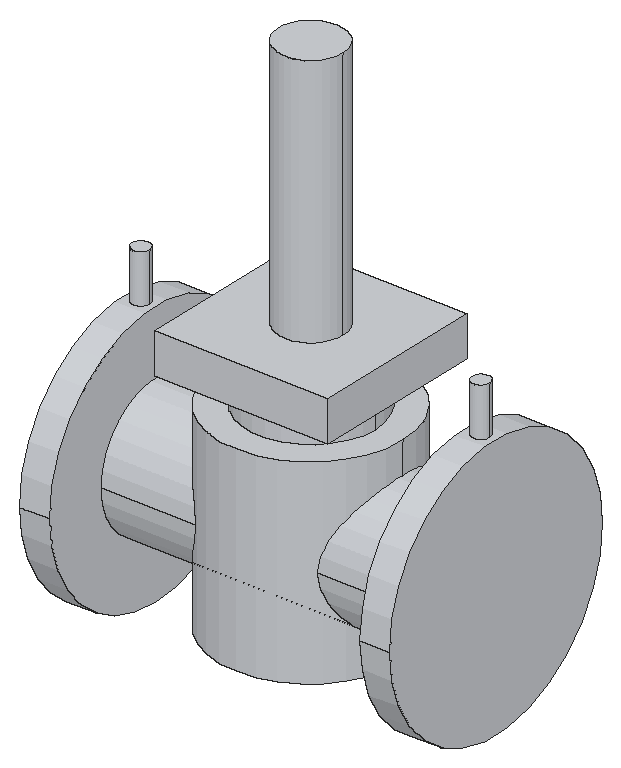
Revit family "OPTIMA_Compact_FLANGE_PN25_DN050-HF_RFA_2019", category Pipe Accessories, Revit 2019
Family settings
  Round Connector Dimension = Use Diameter
  Part Type = Valve - Breaks Into
  Work Plane-Based = No
  Always vertical = Yes
  Cut with Voids When Loaded = No
  Shared = No
Parameters (values of type "Optima Compact Flange PN25 DN050 HF")
  magiProductId = "Frese Optima Flange DN050 HF"
  magiProductFamilyId = "Frese Optima Flange *"
  magiPartTypeId = 304
  isMeasuringValve [instance] = no
  ang2D [instance] = 0.00°
  W2D = 50 mm
  VersionID = "2.0/2018.8.28.1/FRESE_OPTIMA_FLANGE_Q13_002"
  Use Minimum Symbol Size [instance] = yes
  URL = "www.hydronic.cz"
  Type Comments = "Přírubový; PN25; 0~120°C, s měřením"
  R4 = 40.25 mm
  R3 = 42.9 mm
  R1 = 57.5 mm
  QmdConnectorList = "301;D;302;D"
  Productdata [instance] = ""
  Manufacturer = "Hydronic Systems Prague s.r.o."
  MC Product Code = "53-1230 (DN50 HF; 20mm; pohon min 1000N; Qmin-dpmin 3900l/h-19.0kPa; Qmax-dpmin 24000l/h-50.0kPa; dpmax 800kPa)"
  MC Piping Given Pressure Drop [instance] = 0.0 Pa
  LF__ve = -LF  # -18.4 mm
  LF2 = 9.2 mm
  LF = 18.4 mm
  L4 = 108.1 mm
  L3 = 193.2 mm
  L2D_Min = 3048 mm
  L2D = 230 mm
  L2 = 115 mm
  H6 = 157.25 mm
  H4 = 24.75 mm
  H3 = 20.625 mm
  H2 = 61.875 mm
  H1 = 123.75 mm
  Description = "Tlakově nezávislý 2-cestný regulační vyvažovací ventil (PICV)"
  DF2 = 82.5 mm
  D = 50 mm
  CAT0 = yes
Types (14, lengths in mm): name | magiProductId | magiProductFamilyId | W2D | Type Comments | R4 | R3 | R1 | MC Product Code | LF__ve | LF2 | LF | L4 | L3 | L2D | L2 | H6 | H4 | H3 | H2 | H1 | DF2 | D
  Optima Compact Flange PN25 DN050 LF | "Frese Optima Flange DN050 LF" | "Frese Optima Flange *" | 50 | "Přírubový; PN25; 0~120°C, s měřením" | 40.3 | 42.9 | 57.5 | "53-1220 (DN50 LF; 20mm; pohon min 1000N; Qmin-dpmin 2500l/h-6.5kPa; Qmax-dpmin 15000l/h-20.0kPa; dpmax 800kPa)" | -18.4 | 9.2 | 18.4 | 108.1 | 193.2 | 230 | 115 | 157.3 | 24.8 | 20.6 | 61.9 | 123.8 | 82.5 | 50
  Optima Compact Flange PN25 DN050 HF | "Frese Optima Flange DN050 HF" | "Frese Optima Flange *" | 50 | "Přírubový; PN25; 0~120°C, s měřením" | 40.25 | 42.9 | 57.5 | "53-1230 (DN50 HF; 20mm; pohon min 1000N; Qmin-dpmin 3900l/h-19.0kPa; Qmax-dpmin 24000l/h-50.0kPa; dpmax 800kPa)" | -18.4 | 9.2 | 18.4 | 108.1 | 193.2 | 230 | 115 | 157.25 | 24.75 | 20.625 | 61.875 | 123.75 | 82.5 | 50
  Optima Compact Flange PN25 DN065 LF | "Frese Optima Flange DN065 LF" | "Frese Optima Flange *" | 50 | "Přírubový; PN25; 0~120°C, s měřením" | 50.75 | 48.1 | 72.5 | "53-1221 (DN65 LF; 20mm; pohon min 1000N; Qmin-dpmin 4400l/h-15.0kPa; Qmax-dpmin 25000l/h-25.0kPa; dpmax 800kPa)" | -23.2 | 11.6 | 23.2 | 136.3 | 243.6 | 230 | 145 | 171.25 | 27.75 | 23.125 | 69.375 | 138.75 | 92.5 | 65
  Optima Compact Flange PN25 DN065 HF | "Frese Optima Flange DN065 HF" | "Frese Optima Flange *" | 50 | "Přírubový; PN25; 0~120°C, s měřením" | 50.75 | 48.1 | 72.5 | "53-1231 (DN65 HF; 20mm; pohon min 1000N; Qmin-dpmin 6000l/h-30.0kPa; Qmax-dpmin 35000l/h-55.0kPa; dpmax 800kPa)" | -23.2 | 11.6 | 23.2 | 136.3 | 243.6 | 230 | 145 | 171.25 | 27.75 | 23.125 | 69.375 | 138.75 | 92.5 | 65
  Optima Compact Flange PN25 DN080 LF | "Frese Optima Flange DN080 LF" | "Frese Optima Flange *" | 50 | "Přírubový; PN25; 0~120°C, s měřením" | 54.25 | 52 | 77.5 | "53-1222 (DN80 LF; 20mm; pohon min 1000N; Qmin-dpmin 5300l/h-16.0kPa; Qmax-dpmin 34000l/h-25.0kPa; dpmax 800kPa)" | -24.8 | 12.4 | 24.8 | 145.7 | 260.4 | 230 | 155 | 183 | 30 | 25 | 75 | 150 | 100 | 80
  Optima Compact Flange PN25 DN080 HF | "Frese Optima Flange DN080 HF" | "Frese Optima Flange *" | 50 | "Přírubový; PN25; 0~120°C, s měřením" | 54.25 | 52 | 77.5 | "53-1232 (DN80 HF; 20mm; pohon min 1000N; Qmin-dpmin 7000l/h-23.0kPa; Qmax-dpmin 43000l/h-50.0kPa; dpmax 800kPa)" | -24.8 | 12.4 | 24.8 | 145.7 | 260.4 | 230 | 155 | 183 | 30 | 25 | 75 | 150 | 100 | 80
  Optima Compact Flange PN25 DN100 LF | "Frese Optima Flange DN100 LF" | "Frese Optima Flange *" | 50 | "Přírubový; PN25; 0~120°C, s měřením" | 61.25 | 61.1 | 87.5 | "53-1223 (DN100 LF; 40mm; pohon min 1000N; Qmin-dpmin 12100l/h-20.0kPa; Qmax-dpmin 68000l/h-35.0kPa; dpmax 800kPa)" | -28 | 14 | 28 | 164.5 | 294 | 230 | 175 | 268.75 | 35.25 | 29.375 | 88.125 | 176.25 | 117.5 | 100
  Optima Compact Flange PN25 DN100 HF | "Frese Optima Flange DN100 HF" | "Frese Optima Flange *" | 50 | "Přírubový; PN25; 0~120°C, s měřením" | 61.25 | 61.1 | 87.5 | "53-1233 (DN100 HF; 40mm; pohon min 1000N; Qmin-dpmin 14800l/h-30.0kPa; Qmax-dpmin 90000l/h-75.0kPa; dpmax 800kPa)" | -28 | 14 | 28 | 164.5 | 294 | 230 | 175 | 268.75 | 35.25 | 29.375 | 88.125 | 176.25 | 117.5 | 100
  Optima Compact Flange PN25 DN125 LF | "Frese Optima Flange DN125 LF" | "Frese Optima Flange *" | 50 | "Přírubový; PN25; 0~120°C, s měřením" | 70 | 70.2 | 100 | "53-1224 (DN125 LF; 40mm; pohon min 1000N; Qmin-dpmin 18500l/h-16.0kPa; Qmax-dpmin 110000l/h-35.0kPa; dpmax 800kPa)" | -32 | 16 | 32 | 188 | 336 | 230 | 200 | 275.5 | 40.5 | 33.75 | 101.25 | 202.5 | 135 | 125
  Optima Compact Flange PN25 DN125 HF | "Frese Optima Flange DN125 HF" | "Frese Optima Flange *" | 50 | "Přírubový; PN25; 0~120°C, s měřením" | 70 | 70.2 | 100 | "53-1234 (DN125 HF; 40mm; pohon min 1000N; Qmin-dpmin 23000l/h-27.0kPa; Qmax-dpmin 135000l/h-53.0kPa; dpmax 800kPa)" | -32 | 16 | 32 | 188 | 336 | 230 | 200 | 275.5 | 40.5 | 33.75 | 101.25 | 202.5 | 135 | 125
  Optima Compact Flange PN25 DN150 LF | "Frese Optima Flange DN150 LF" | "Frese Optima Flange *" | 50 | "Přírubový; PN25; 0~110°C, s měřením" | 84 | 74.1 | 120 | "53-1225 (DN150 LF; 43mm; pohon min 1500N; Qmin-dpmin 25600l/h-21.0kPa; Qmax-dpmin 148000l/h-35.0kPa; dpmax 800kPa)" | -38.4 | 19.2 | 38.4 | 225.6 | 403.2 | 230 | 240 | 279.25 | 42.75 | 35.625 | 106.875 | 213.75 | 142.5 | 150
  Optima Compact Flange PN25 DN150 HF | "Frese Optima Flange DN150 HF" | "Frese Optima Flange *" | 50 | "Přírubový; PN25; 0~110°C, s měřením" | 84 | 74.1 | 120 | "53-1235 (DN150 HF; 43mm; pohon min 1500N; Qmin-dpmin 32000l/h-33.0kPa; Qmax-dpmin 195000l/h-65.0kPa; dpmax 800kPa)" | -38.4 | 19.2 | 38.4 | 225.6 | 403.2 | 230 | 240 | 279.25 | 42.75 | 35.625 | 106.875 | 213.75 | 142.5 | 150
  Optima Compact Flange PN25 DN200 LF | "" | "" | 100 | "Přírubový; PN25; 0~110°C, s měřením" | 164.5 | 98.8 | 235 | "53-1226 (DN200 LF; 43mm; pohon min 1500N; Qmin-dpmin 95000l/h-11.0kPa; Qmax-dpmin 210000l/h-32.0kPa; dpmax 800kPa)" | -48 | 24 | 48 | 282 | 504 | 350 | 300 | 281 | 57 | 15 | 209 | 380 | 190 | 200
  Optima Compact Flange PN25 DN200 HF | "" | "" | 100 | "Přírubový; PN25; 0~110°C, s měřením" | 164.5 | 98.8 | 235 | "53-1236 (DN200 HF; 43mm; pohon min 1500N; Qmin-dpmin 130000l/h-31.0kPa; Qmax-dpmin 280000l/h-78.0kPa; dpmax 800kPa)" | -48 | 24 | 48 | 282 | 504 | 350 | 300 | 281 | 57 | 15 | 209 | 380 | 190 | 200
Reference planes
  plane 1 "Center (Front/Back)": y = 0
  plane 2 "XYPLANE": z = 0
  plane 3 "Center (Left/Right)": x = 0
  plane 4 "157": x = 105.8
  plane 5 "156": x = -105.8
  plane 6 "155": z = 82.5
  plane 7 "154": z = 107.25
  plane 8 "153": z = 82.5
  plane 9 "152": z = 61.875
  plane 10 "151": x = -96.6
  plane 11 "150": z = -61.875
  plane 12 "149": x = 0
  plane 13 "148": y = 0
  plane 14 "147": z = 0
  plane 15 "146": x = -115
  plane 16 "145": x = 115
Forms (mm)
  Extrusion 1, solid, visible <- "CAT0"
    sketch origin (-750, 0, 82.5) x (1, 0, 0) y (0, 1, 0)
      loop
        circle (855.8, 0) r 5.5
    from 0 to 30
  Extrusion 2, solid, visible <- "CAT0"
    sketch origin (-750, 0, 82.5) x (1, 0, 0) y (0, 1, 0)
      loop
        circle (644.2, 0) r 5.5
    from 0 to 30
  Extrusion 3, solid, visible <- "CAT0"
    sketch origin (-750, 0, 107.25) x (1, 0, 0) y (0, 1, 0)
      loop
        circle (750, 0) r 20
    from 0 to 157.25 <- "H6"
  Extrusion 4, solid, visible <- "CAT0"
    sketch origin (-750, 0, 82.5) x (1, 0, 0) y (0, 1, 0)
      loop
        line (804.05, 54.05) -> (695.95, 54.05) -> (695.95, -54.05) -> (804.05, -54.05) -> (804.05, 54.05)
    from 0 to 24.75 <- "H4"
  Extrusion 5, solid, visible <- "CAT0"
    sketch origin (-750, 0, 61.875) x (1, 0, 0) y (0, 1, 0)
      loop
        circle (750, 0) r 40.25
    from 0 to 20.625 <- "H3"
  Extrusion 6, solid, visible <- "CAT0"
    sketch origin (-96.6, -750, 0) x (0, 1, 0) y (0, 0, 1)
      loop
        circle (750, 0) r 42.9
    from 0 to 193.2 <- "L3"
  Extrusion 7, solid, visible <- "CAT0"
    sketch origin (-750, 0, -61.875) x (1, 0, 0) y (0, 1, 0)
      loop
        circle (750, 0) r 57.5
    from 0 to 123.75 <- "H1"
  Extrusion 8, solid, visible <- "CAT0"
    sketch origin (-115, -750, 0) x (0, 1, 0) y (0, 0, 1)
      loop
        circle (750, 0) r 82.5
    from 0 to 18.4 <- "LF"
  Extrusion 9, solid, visible <- "CAT0"
    sketch origin (115, -750, 0) x (0, 1, 0) y (0, 0, 1)
      loop
        circle (750, 0) r 82.5
    from 0 to -18.4 <- "LF__ve"
  Extrusion 10, solid, not visible
    sketch origin (-115, -750, 0) x (0, 1, 0) y (0, 0, 1)
      loop
        circle (750, 0) r 10
    from 0 to 10
  Extrusion 11, solid, not visible
    sketch origin (115, -750, 0) x (0, 1, 0) y (0, 0, 1)
      loop
        circle (750, 0) r 10
    from 0 to -10
Lines and regions (mm)
  reference lines, not visible
    curve 1: circle (2, 2, 0) r 1 normal (0, 0, 1)
  reference lines
    curve 2: circle (0, 0, 82.5) r 1 normal (0, 0, 1)
Dimensions and locks
  plane 1 "Center (Front/Back)" to curve 1 = 2 mm
  "LF2": plane 16 "145" to plane 4 "157"
  "LF2": plane 15 "146" to plane 5 "156"
  "DF2": plane 2 "XYPLANE" to plane 6 "155"
  "H4": plane 8 "153" to plane 7 "154"
  "H3": plane 9 "152" to plane 8 "153"
  "H1": plane 11 "150" to plane 9 "152"
  "LF": plane 15 "146" to plane 10 "151"
  "H2": plane 2 "XYPLANE" to plane 11 "150"
  locked: plane 3 "Center (Left/Right)" to plane 12 "149"
  locked: plane 1 "Center (Front/Back)" to plane 13 "148"
  locked: plane 2 "XYPLANE" to plane 14 "147"
  "L2": plane 3 "Center (Left/Right)" to plane 15 "146"
  "L2": plane 3 "Center (Left/Right)" to plane 16 "145"
  equal spacing: Extrusion 4 sketch curve, curve 2, Extrusion 4 sketch curve  (x2)
  "L4": Extrusion 4 sketch curve to Extrusion 4 sketch curve  (x2)
  Extrusion 4 sketch curve to Extrusion 4 sketch curve = 0 mm  (x8)
  "R4": radius of Extrusion 5 sketch curve
  "R3": radius of Extrusion 6 sketch curve
  "R1": radius of Extrusion 7 sketch curve
  "DF2": radius of Extrusion 8 sketch curve
  "DF2": radius of Extrusion 9 sketch curve
  aligned and locked: level to plane 2 "XYPLANE"
  aligned and locked: plane 4 "157" to Extrusion 1 sketch curve
  aligned and locked: plane 13 "148" to Extrusion 1 sketch curve
  aligned and locked: plane 5 "156" to Extrusion 2 sketch curve
  aligned and locked: plane 13 "148" to Extrusion 2 sketch curve
  aligned and locked: plane 12 "149" to Extrusion 3 sketch curve
  aligned and locked: plane 13 "148" to Extrusion 3 sketch curve
  aligned and locked: plane 12 "149" to curve 2
  aligned and locked: plane 13 "148" to curve 2
  aligned and locked: plane 12 "149" to Extrusion 5 sketch curve
  aligned and locked: plane 13 "148" to Extrusion 5 sketch curve
  aligned and locked: Extrusion 6 sketch curve to plane 13 "148"
  aligned and locked: plane 14 "147" to Extrusion 6 sketch curve
  aligned and locked: plane 12 "149" to Extrusion 7 sketch curve
  aligned and locked: plane 13 "148" to Extrusion 7 sketch curve
  aligned and locked: Extrusion 8 sketch curve to plane 13 "148"
  aligned and locked: plane 14 "147" to Extrusion 8 sketch curve
  aligned and locked: Extrusion 9 sketch curve to plane 13 "148"
  aligned and locked: plane 14 "147" to Extrusion 9 sketch curve
  aligned and locked: Extrusion 10 sketch curve to plane 13 "148"
  aligned and locked: plane 14 "147" to Extrusion 10 sketch curve
  aligned and locked: Extrusion 11 sketch curve to plane 13 "148"
  aligned and locked: plane 14 "147" to Extrusion 11 sketch curve
Automatic sketch dimensions
  Extrusion 1 sketch curve to plane 4 "157" = 5.5 mm
  plane 15 "146" to Extrusion 2 sketch curve = 3.7 mm
  Extrusion 3 sketch curve to plane 3 "Center (Left/Right)" = 20 mm
  plane 1 "Center (Front/Back)" to Extrusion 10 sketch curve = 10 mm
  plane 1 "Center (Front/Back)" to Extrusion 11 sketch curve = 10 mm
  plane 3 "Center (Left/Right)" to curve 1 = 2 mm
  plane 10 "151" to Extrusion 4 sketch curve = 42.55 mm
  plane 1 "Center (Front/Back)" to Extrusion 4 sketch curve = 54.05 mm
  radius of curve 2 = 1 mm
  radius of curve 1 = 1 mm
Connectors
  piping at (-115, 0, 0), diameter 50, driven by "D"
    settings: on Extrusion 10, index 1, connector inside diameter 609.6 mm, connector length 0 mm, flow factor 0, pipe flow 0.0 L/s, pressure drop 0.0 Pa, fitting loss kfactor 0, connector angle 0.00°, fixture units 0, engagement length 0 mm, angle of deflection 0.00°, flow configuration 0, flow direction 0, fitting loss method 0, system type 29, joint type 0, gender type 0, connector reference index 2, connector utility 0, adjustable connector no, is connector primary yes, connector description ""
  piping at (115, 0, 0), diameter 50, driven by "D"
    settings: on Extrusion 11, index 2, connector inside diameter 609.6 mm, connector length 0 mm, flow factor 0, pipe flow 0.0 L/s, pressure drop 0.0 Pa, fitting loss kfactor 0, connector angle 0.00°, fixture units 0, engagement length 0 mm, angle of deflection 0.00°, flow configuration 0, flow direction 0, fitting loss method 0, system type 29, joint type 0, gender type 0, connector reference index 1, connector utility 0, adjustable connector no, is connector primary no, connector description ""
